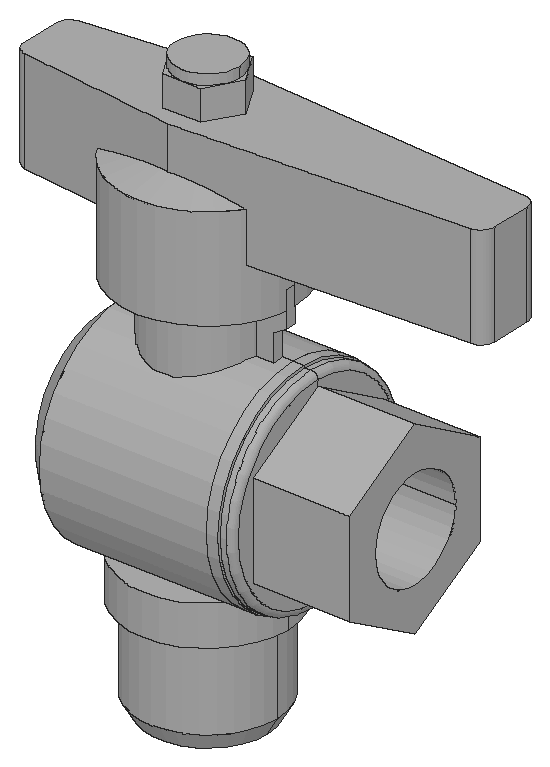
Revit family "QD01290000", category Apparecchi idraulici, Revit 2020
Family settings
  Quota connettore circolare = Usa diametro
  Tipo di parte = Normale
  Numero OmniClass = 23.45.00.00
  Titolo OmniClass = Sanitary, Laundry, and Cleaning Equipment
  Basato su piano di lavoro = No
  Sempre verticale = Sì
  Taglio con vuoti quando caricato = No
  Condiviso = No
  Punto di calcolo locali = No
Parameters
  URL = "https://web.cimberio.com/index.php/figura/1092?subcategoria_id=64"
  Temperatura di esercizio = "-20 ÷ 150°C"
  Prospetto di default = 0 mm
  Produttore = "CIMBERIO SPA"
  Pressione nominale = "PN 40"
  Modello = "Cim 231OT"
  Materiale = "Prodotto in lega di ottone conforme alla norma EN 12165-CW617N-DW."
  Descrizione = "Realizzato in ottemperanza ai requisiti gestionali della norma EN ISO 9001.\r\nUtilizzato per la regolazione della temperatura degli ambienti e comandare apparecchi degli impianti di riscaldamento e condizionamento."
  DN Model [instance] = QD01292102 : QD01292102
  DN [instance] = 15 mm
  Commenti sul tipo = "Utilizzato nei più svariati settori dell'impiantistica: impianti di riscaldamento, condizionamento, idrici, igienico-sanitari, aria compressa, reti di distribuzione oli, benzine, vapore saturo e in generale con ogni fluido non corrosivo"
Reference planes
  plane 1 "Centro (Fronte/Retro)": y = 0
  plane 2: z = 0
  plane 3 "Centro (Sinistra/Destra)": x = 0
Dimensions and locks
  aligned and locked: level to plane 2
Nested families
  nested 1: "QD01292102" at (0, 0, 0), type <- "DN Model", type "QD01292102"
  nested 2: "QD01292102" at (0, 0, 0), type <- "DN Model", type "QD01292102"
  nested 3: "QD01292102" at (0, 0, 0), type <- "DN Model", type "QD01292102"
Connectors
  piping at (30.85, 0, 0), diameter 15, driven by "DN"
    settings: on nested 1, index 1, connector inside diameter 609.6 mm, connector length 0 mm, flow factor 0, pipe flow 0.0 L/s, pressure drop 0.0 Pa, fitting loss kfactor 0, connector angle 0.00°, fixture units 0, engagement length 0 mm, angle of deflection 0.00°, flow configuration 0, flow direction 0, fitting loss method 0, system type 7, joint type 0, gender type 0, connector reference index -1, connector utility 0, adjustable connector no, is connector primary yes, connector description ""
  piping at (0, 0, -35), diameter 15, driven by "DN"
    settings: on nested 1, index 2, connector inside diameter 609.6 mm, connector length 0 mm, flow factor 0, pipe flow 0.0 L/s, pressure drop 0.0 Pa, fitting loss kfactor 0, connector angle 0.00°, fixture units 0, engagement length 0 mm, angle of deflection 0.00°, flow configuration 0, flow direction 0, fitting loss method 0, system type 7, joint type 0, gender type 0, connector reference index -1, connector utility 0, adjustable connector no, is connector primary no, connector description ""
Definition of nested family "QD01292102"
  Parameters (values of type "QD01292102")
    Default Elevation = 0 mm
  Reference planes
    plane 1 "Centro (Fronte/Retro)": y = 0
    plane 2: z = 0
    plane 3 "Centro (Sinistra/Destra)": x = 0
  Forms (mm)
    Revolve 1, solid
      sketch origin (0, 0, 0) x (1, 0, 0) y (0, 0, 1)
        loop
          line (-12.25, -16) -> (12.6, -16) -> (14.35, -16) -> (14.35, -7.5) -> (-8.955, -7.5) -> (-8.955, 0) -> (-15.5, 0) -> (-15.5, -12.75) -> (-12.25, -16)
        axis (-15.5, 0) -> (14.35, 0)
      angle from 0 to 360
    Extrusion 2, solid
      sketch origin (16, 0, 0) x (0, 0, 1) y (0, -1, 0)
        loop
          circle (0, 0) r 7.5
        loop
          line (-14, 0) -> (-7, -12.124) -> (7, -12.124) -> (14, 0) -> (7, 12.124) -> (-7, 12.124) -> (-14, 0)
      from 0.35 to 14.85
    Extrusion 3, solid
      sketch origin (0, 0, 28.55) x (1, 0, 0) y (0, 1, 0)
        loop
          circle (0, 0) r 8.45
        loop
          circle (0, 0) r 6.348
      from -20.832 to 5.337
    Revolve 4, solid
      sketch origin (0, 0, 0) x (1, 0, 0) y (0, 0, 1)
        loop
          line (-13, 38.707) -> (-13, 23.483) -> (-8.92, 23.483) -> (-8.92, 33.247) -> (0, 33.247) -> (0, 40.8)
          arc (0, 40.8) -> (-6.59, 40.314) -> (-13, 38.707) r 38.42
        axis (0, 40.8) -> (0, 23.483)
      angle from 0 to 360
    Extrusion 5, void
      sketch origin (0, 0, 28.55) x (1, 0, 0) y (0, 1, 0)
        loop
          line (-8.682, 0) -> (-12.25, 0)
          arc (-12.25, 0) -> (-8.662, -8.662) -> (0, -12.25) r 12.25
          line (0, -12.25) -> (0, -7.437)
          arc (0, -7.437) -> (-5.627, -5.22) -> (-8.682, 0) r 9.25
      from -7.705 to 0.295
    Extrusion 6, solid
      sketch origin (0, 0, 46.5) x (0, 1, 0) y (-1, 0, 0)
        loop
          line (0, 5.6) -> (-4.85, 2.8) -> (-4.85, -2.8) -> (0, -5.6) -> (4.85, -2.8) -> (4.85, 2.8) -> (0, 5.6)
      from 0 to 4.5
    Extrusion 7, solid
      sketch origin (0, 0, 51) x (0, 1, 0) y (-1, 0, 0)
        loop
          circle (0, 0) r 4.75
      from 0 to 1.5
    Extrusion 8, solid
      sketch origin (0, 0, 51) x (0, 1, 0) y (-1, 0, 0)
        loop
          line (7.567, 0) -> (5.067, 23.214)
          arc (5.067, 23.214) -> (4.415, 24.488) -> (3.078, 25) r 2
          line (3.078, 25) -> (-2.945, 25)
          arc (-2.945, 25) -> (-4.281, 24.488) -> (-4.933, 23.214) r 2
          line (-4.933, 23.214) -> (-7.433, 0) -> (-4.933, -43.116)
          arc (-4.933, -43.116) -> (-4.309, -44.455) -> (-2.936, -45) r 2
          line (-2.936, -45) -> (3.07, -45)
          arc (3.07, -45) -> (4.443, -44.455) -> (5.067, -43.116) r 2
          line (5.067, -43.116) -> (7.567, 0)
      from -19.745 to -4.5
    Revolve 9, solid
      sketch origin (0, 0, 0) x (1, 0, 0) y (0, 0, 1)
        loop
          line (-16.5, 0) -> (-16.151, -10) -> (-15.162, -10) -> (-15.162, 0) -> (-16.5, 0)
        axis (-16.5, 0) -> (-15.162, 0)
      angle from 0 to 360
    Revolve 10, solid
      sketch origin (0, 0, 0) x (1, 0, 0) y (0, 0, 1)
        loop
          arc (16.35, 14.749) -> (16.058, 15.457) -> (15.35, 15.75) r 1
          line (15.35, 15.75) -> (14.35, 15.75) -> (14.35, 7.5) -> (16.35, 7.5) -> (16.35, 14.749)
        axis (14.35, 0) -> (16.35, 0)
      angle from 0 to 360
    Revolve 11, solid
      sketch origin (0, 0, 0) x (1, 0, 0) y (0, 0, 1)
        loop
          line (-12, -14) -> (-12, -20) -> (0, -20) -> (0, -14) -> (-12, -14)
        axis (0, -14) -> (0, -20)
      angle from 0 to 360
    Extrusion 12, solid
      sketch origin (0, 0, 0) x (-1, 0, 0) y (0, 0, -1)
        loop
          line (-13, -26.345) -> (-6.613, -26.345) -> (-6.613, -11.799) -> (-11, -11.799) -> (-11, -19.89) -> (-13, -21.045) -> (-13, -26.345)
      from 0 to 1.497
    Revolve 13, solid
      sketch origin (0, 0, 0) x (1, 0, 0) y (0, 0, 1)
        loop
          line (-10.375, -32.47) -> (-8.914, -35) -> (-7.5, -35) -> (-7.5, -20) -> (-10.375, -20) -> (-10.375, -32.47)
        axis (0, -20) -> (0, -35)
      angle from 0 to 360
  Cuts and joins
    Extrusion 5 cuts Revolve 4
    joined: Revolve 1, Extrusion 3
  Dimensions and locks
    aligned and locked: level to plane 2
